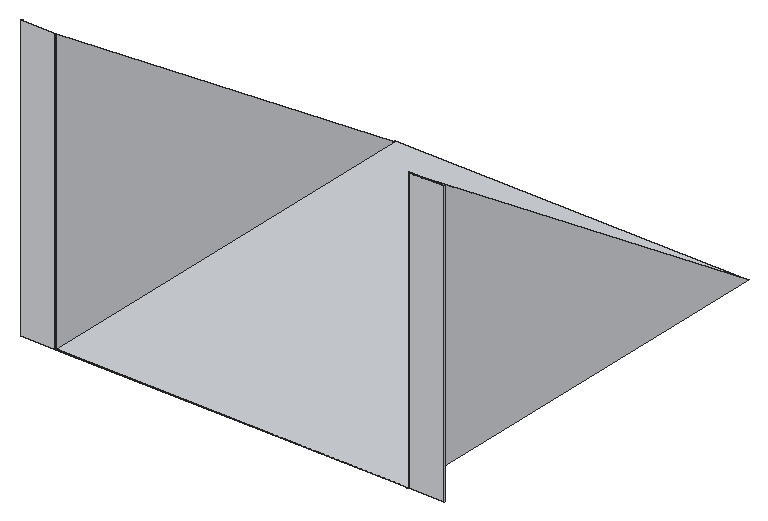
Revit family "duct_wall_bracket", category Generic Models, host Face, Revit 2024
Family settings
  Host = Face
  Can host rebar = No
  Round Connector Dimension = Use Diameter
  Part Type = Normal
  Cut with Voids When Loaded = No
  Maintain Annotation Orientation = No
  Shared = No
  Room Calculation Point = No
Parameters
  Width [instance] = 5' - 0"
  Thickness [instance] = 0' - 0 1/16"
  Heigth [instance] = 6' - 0"
  FlangeWidth [instance] = 0' - 6"
  Default Elevation = 4' - 0"
  CantOut [instance] = 4' - 0"
Reference planes (in)
  plane 1 "Center (Front/Back)": y = 0
  plane 2: z = 0
  plane 3 "Center (Left/Right)": x = 0
  plane 4: x = -30
  plane 5: x = 30
  plane 6: y = 36
  plane 7: y = -36
  plane 8: z = 48
  plane 9: x = 36
  plane 10: x = -36
Forms (in)
  Extrusion 1, solid
    sketch origin (-14.83405, -36, 48) x (-1, 0, 0) y (0, 0, 1)
      loop
        line (-50.83405, 0) -> (-50.83405, -48) -> (-44.83405, -48) -> (-44.83405, 0) -> (-50.83405, 0)
      loop
        line (15.16595, 0) -> (15.16595, -48) -> (21.16595, -48) -> (21.16595, 0) -> (15.16595, 0)
    from 0 to 0.0625 <- "Thickness"
Dimensions and locks (in)
  equal spacing: plane 4, plane 3 "Center (Left/Right)", plane 5
  equal spacing: plane 6, plane 1 "Center (Front/Back)", plane 7
  "Heigth": plane 6 to plane 7
  "Width": plane 4 to plane 5
  "CantOut": plane 8 to host face
  "FlangeWidth": plane 4 to plane 10
  "FlangeWidth": plane 9 to plane 5
  equal spacing: plane 5, plane 3 "Center (Left/Right)", plane 4
  aligned and locked: plane 2 to host face
  aligned and locked: level to host face
  aligned and locked: plane 3 "Center (Left/Right)" to nested 1
  aligned and locked: plane 1 "Center (Front/Back)" to nested 1
  aligned and locked: nested 3 to nested 1
  aligned and locked: nested 2 to nested 1
  aligned and locked: plane 5 to nested 1
  aligned and locked: plane 4 to nested 1
  aligned and locked: plane 8 to Extrusion 1 sketch curve
  aligned and locked: Extrusion 1 sketch curve to plane 8
  aligned and locked: host face to Extrusion 1 sketch curve  (x2)
  aligned and locked: Extrusion 1 sketch curve to plane 10
  aligned and locked: Extrusion 1 sketch curve to plane 4
  aligned and locked: Extrusion 1 sketch curve to plane 5
  aligned and locked: Extrusion 1 sketch curve to plane 9
Automatic sketch dimensions
  host sketch curve to host sketch curve = 8' - 0"  (x2)
Nested families (in)
  nested 1: "sm_square" at (0, 0, 0), height <- "Heigth", width <- "Width", thickness <- "Thickness", type "sm_square"
    with width 5' - 0", thickness 0' - 0 1/16", height 6' - 0"
  nested 2: "sm_triangle" at (30.03125, 0, 0), width <- "Heigth", thickness <- "Thickness", length <- "CantOut", type "sm_triangle"
    with width 6' - 0", thickness 0' - 0 1/16", length 4' - 0"
  nested 3: "sm_triangle" at (-30.03125, 0, 0), width <- "Heigth", thickness <- "Thickness", length <- "CantOut", type "sm_triangle"
    with width 6' - 0", thickness 0' - 0 1/16", length 4' - 0"
Definition of nested family "sm_square"
  Parameters (values of type "sm_square")
    width [instance] = 1' - 0"
    thickness [instance] = 0' - 0 1/16"
    height [instance] = 1' - 0"
    Default Elevation = 4' - 0"
  Reference planes (in)
    plane 1 "Center (Front/Back)": y = 0
    plane 2: z = 0
    plane 3 "Center (Left/Right)": x = 0
    plane 4: y = 6
    plane 5: x = 6
    plane 6: y = -6
    plane 7: x = -6
    plane 8: z = 0.0625
  Forms (in)
    Extrusion 1, solid
      sketch origin (0, 0, 0) x (1, 0, 0) y (0, 1, 0)
        loop
          line (-48, 48) -> (-48, -48) -> (48, -48) -> (48, 48) -> (-48, 48)
      from 0 to -12
    Extrusion 2, solid
      sketch origin (0, 0, 0) x (1, 0, 0) y (0, 1, 0)
        loop
          line (-6, 6) -> (-6, -6) -> (6, -6) -> (6, 6) -> (-6, 6)
      from 0 to 0.0625 <- "thickness"
  Dimensions and locks (in)
    equal spacing: plane 7, plane 3 "Center (Left/Right)", plane 5
    "width": plane 7 to plane 5
    equal spacing: plane 4, plane 1 "Center (Front/Back)", plane 6
    "height": plane 4 to plane 6
    "thickness": plane 8 to Extrusion 1
    aligned and locked: plane 2 to Extrusion 1
    aligned and locked: level to Extrusion 1
    aligned and locked: Extrusion 2 sketch curve to plane 4
    aligned and locked: Extrusion 2 sketch curve to plane 7
    aligned and locked: Extrusion 2 sketch curve to plane 6
    aligned and locked: Extrusion 2 sketch curve to plane 5
  Automatic sketch dimensions
    Extrusion 1 sketch curve to Extrusion 1 sketch curve = 8' - 0"  (x2)
Definition of nested family "sm_triangle"
  Parameters (values of type "sm_triangle")
    width [instance] = 1' - 0"
    thickness [instance] = 0' - 0 1/16"
    material = none
    length [instance] = 3' - 0"
    Default Elevation = 4' - 0"
  Reference planes (in)
    plane 1 "Center (Front/Back)": y = 0
    plane 2: z = 0
    plane 3 "Center (Left/Right)": x = 0
    plane 4: y = 6
    plane 5: z = 36
    plane 6: y = -6
    plane 7: x = -0.03125
    plane 8: x = 0.03125
  Forms (in)
    Extrusion 1, solid
      sketch origin (0, 0, 0) x (1, 0, 0) y (0, 1, 0)
        loop
          line (-48, 48) -> (-48, -48) -> (48, -48) -> (48, 48) -> (-48, 48)
      from 0 to -12
    Extrusion 2, solid
      sketch origin (-0.03125, 4.47618, 48) x (0, 1, 0) y (0, 0, 1)
        loop
          line (1.52382, -48) -> (-10.47618, -12) -> (-10.47618, -48) -> (1.52382, -48)
      from 0 to 0.0625 <- "thickness"
  Dimensions and locks (in)
    equal spacing: plane 4, plane 1 "Center (Front/Back)", plane 6  (x2)
    "length": plane 5 to Extrusion 1
    "thickness": plane 7 to plane 8
    equal spacing: plane 7, plane 3 "Center (Left/Right)", plane 8
    plane 6 to plane 4 = 1' - 0"
    "width": plane 4 to plane 6
    aligned and locked: plane 2 to Extrusion 1
    aligned and locked: level to Extrusion 1
    aligned and locked: Extrusion 2 sketch curve to plane 6
    aligned and locked: Extrusion 1 to Extrusion 2 sketch curve
    aligned and locked: plane 5 to Extrusion 2 sketch curve
  Automatic sketch dimensions
    Extrusion 1 sketch curve to Extrusion 1 sketch curve = 8' - 0"  (x2)
    Extrusion 2 sketch curve to plane 4 = 0' - 0"
